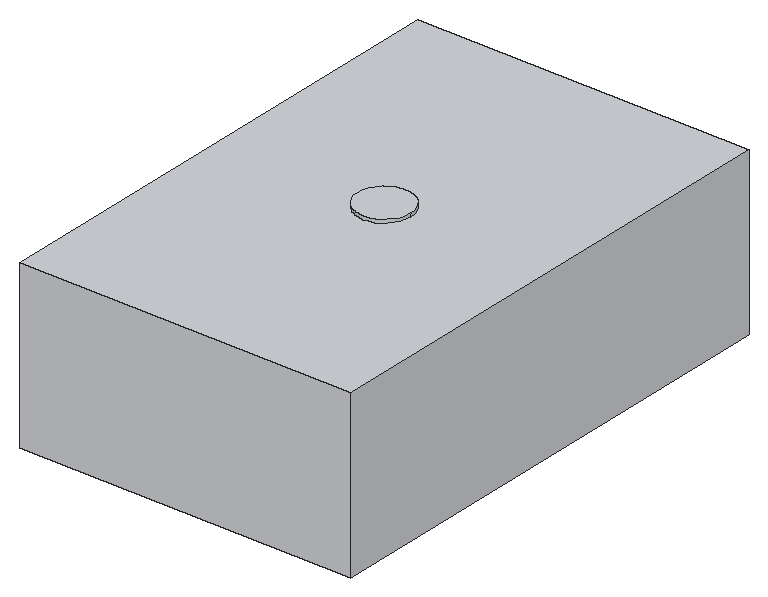
Revit family "Connector.ver2019", category 電気器具, Revit 2019
Family settings
  注釈の向きを維持 = いいえ
  丸型コネクタ寸法 = 直径を使用
  パーツ タイプ = 標準
  OmniClass 番号 = 23.80.00.00
  OmniClass タイトル = Electric Power and Lighting
  作業面ベース = いいえ
  常に垂直 = はい
  ロード時にボイドで切り取り = いいえ
  共有 = いいえ
  部屋計算ポイント = いいえ
Parameters
  コネクタ直径 [instance] = 16 mm
  W [instance] = 100 mm
  D [instance] = 150 mm
Reference planes
  plane 1 "中心(正面/背面)": y = 0
  plane 2: z = 0
  plane 3 "中心(左/右)": x = 0
  plane 4 "左": x = -50
  plane 5 "右": x = 50
  plane 6 "上": y = 75
  plane 7 "下": y = -75
  plane 8 "高さ": z = 50
Forms (mm)
  Extrusion 1, solid
    sketch origin (0, 0, 0) x (1, 0, 0) y (0, 1, 0)
      loop
        line (-50, 75) -> (-50, -75) -> (50, -75) -> (50, 75) -> (-50, 75)
    from 0 to 50
  Extrusion 2, solid
    sketch origin (0, 0, 50) x (-1, 0, 0) y (0, -1, 0)
      loop
        circle (0, 0) r 8
    from 0 to 1
Dimensions and locks
  equal spacing: plane 4 "左", plane 3 "中心(左/右)", plane 5 "右"
  "W": plane 4 "左" to plane 5 "右"
  equal spacing: plane 6 "上", plane 1 "中心(正面/背面)", plane 7 "下"
  "D": plane 6 "上" to plane 7 "下"
  "コネクタ直径": diameter of Extrusion 2 sketch curve
  aligned and locked: level to plane 2
  aligned and locked: Extrusion 1 sketch curve to plane 6 "上"
  aligned and locked: plane 4 "左" to Extrusion 1 sketch curve
  aligned and locked: plane 7 "下" to Extrusion 1 sketch curve
  aligned and locked: Extrusion 1 sketch curve to plane 5 "右"
Automatic sketch dimensions
  plane 1 "中心(正面/背面)" to Extrusion 2 sketch curve = 0 mm
  Extrusion 2 sketch curve to plane 3 "中心(左/右)" = 0 mm
Connectors
  cabletrayconduit at (0, 0, 51), diameter 16, driven by "コネクタ直径"
    settings: on Extrusion 2, index 3, connector width 300 mm, connector height 300 mm, connector angle 0.00°, system type 32, placement type 0, profile type 0, connector reference index -1, is primary connector yes, connector utility param no, connector description ""
